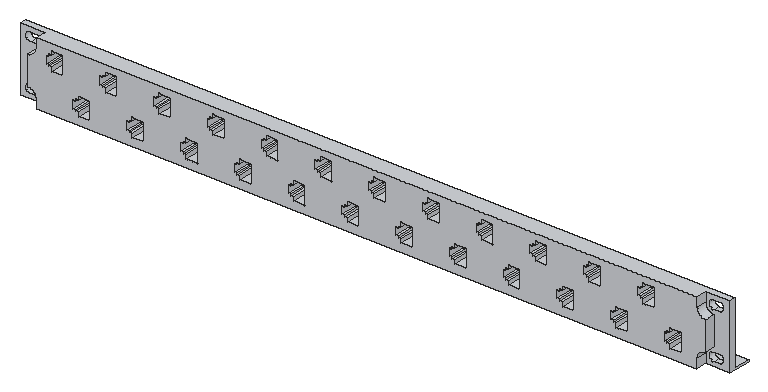
Revit family
Parameters (values of type "TEXT")
  Material ID = "760073866"
  Description = "iPatch® M4200i 24 Port UTP Intelligent Universal Modular Panel without Modules"
Reference planes (in)
  plane 1 "Center (Front/Back)": y = 0
  plane 2: z = 0
  plane 3 "Center (Left/Right)": x = 0
Forms (in)
  Extrusion 1, solid
    sketch origin (0, 0, 0) x (1, 0, 0) y (0, 0, 1)
      loop
        line (-9.5, 0.86) -> (-9.5, -0.86) -> (9.5, -0.86) -> (9.5, 0.86) -> (-9.5, 0.86)
    from 0 to 0.9
  Extrusion 2, void
    sketch origin (0, 0, 0) x (1, 0, 0) y (0, 0, 1)
      loop
        line (-9.5, 0.86) -> (-9.5, -0.81) -> (9.5, -0.81) -> (9.5, 0.86) -> (-9.5, 0.86)
    from 0 to 0.45
  Extrusion 3, void
    sketch origin (0, 0, 0) x (1, 0, 0) y (0, 0, 1)
      loop
        line (-8.58, 0.54) -> (-8.58, 0.3355) -> (-8.51, 0.3355) -> (-8.51, 0.295) -> (-8.44, 0.295) -> (-8.44, 0.19) -> (-8.13, 0.19) -> (-8.13, 0.69) -> (-8.44, 0.69) -> (-8.44, 0.585) -> (-8.51, 0.585) -> (-8.51, 0.54) -> (-8.58, 0.54)
      loop
        line (-7.86, -0.29) -> (-7.86, -0.4945) -> (-7.79, -0.4945) -> (-7.79, -0.535) -> (-7.72, -0.535) -> (-7.72, -0.64) -> (-7.41, -0.64) -> (-7.41, -0.14) -> (-7.72, -0.14) -> (-7.72, -0.245) -> (-7.79, -0.245) -> (-7.79, -0.29) -> (-7.86, -0.29)
    from 0 to 2
  Extrusion 4, void
    sketch origin (1.44, 0, 0) x (1, 0, 0) y (0, 0, 1)
      loop
        line (-8.58, 0.54) -> (-8.58, 0.3355) -> (-8.51, 0.3355) -> (-8.51, 0.295) -> (-8.44, 0.295) -> (-8.44, 0.19) -> (-8.13, 0.19) -> (-8.13, 0.69) -> (-8.44, 0.69) -> (-8.44, 0.585) -> (-8.51, 0.585) -> (-8.51, 0.54) -> (-8.58, 0.54)
      loop
        line (-7.86, -0.29) -> (-7.86, -0.4945) -> (-7.79, -0.4945) -> (-7.79, -0.535) -> (-7.72, -0.535) -> (-7.72, -0.64) -> (-7.41, -0.64) -> (-7.41, -0.14) -> (-7.72, -0.14) -> (-7.72, -0.245) -> (-7.79, -0.245) -> (-7.79, -0.29) -> (-7.86, -0.29)
    from 0 to 2
  Extrusion 5, void
    sketch origin (2.88, 0, 0) x (1, 0, 0) y (0, 0, 1)
      loop
        line (-8.58, 0.54) -> (-8.58, 0.3355) -> (-8.51, 0.3355) -> (-8.51, 0.295) -> (-8.44, 0.295) -> (-8.44, 0.19) -> (-8.13, 0.19) -> (-8.13, 0.69) -> (-8.44, 0.69) -> (-8.44, 0.585) -> (-8.51, 0.585) -> (-8.51, 0.54) -> (-8.58, 0.54)
      loop
        line (-7.86, -0.29) -> (-7.86, -0.4945) -> (-7.79, -0.4945) -> (-7.79, -0.535) -> (-7.72, -0.535) -> (-7.72, -0.64) -> (-7.41, -0.64) -> (-7.41, -0.14) -> (-7.72, -0.14) -> (-7.72, -0.245) -> (-7.79, -0.245) -> (-7.79, -0.29) -> (-7.86, -0.29)
    from 0 to 2
  Extrusion 6, void
    sketch origin (4.32, 0, 0) x (1, 0, 0) y (0, 0, 1)
      loop
        line (-8.58, 0.54) -> (-8.58, 0.3355) -> (-8.51, 0.3355) -> (-8.51, 0.295) -> (-8.44, 0.295) -> (-8.44, 0.19) -> (-8.13, 0.19) -> (-8.13, 0.69) -> (-8.44, 0.69) -> (-8.44, 0.585) -> (-8.51, 0.585) -> (-8.51, 0.54) -> (-8.58, 0.54)
      loop
        line (-7.86, -0.29) -> (-7.86, -0.4945) -> (-7.79, -0.4945) -> (-7.79, -0.535) -> (-7.72, -0.535) -> (-7.72, -0.64) -> (-7.41, -0.64) -> (-7.41, -0.14) -> (-7.72, -0.14) -> (-7.72, -0.245) -> (-7.79, -0.245) -> (-7.79, -0.29) -> (-7.86, -0.29)
    from 0 to 2
  Extrusion 7, void
    sketch origin (5.76, 0, 0) x (1, 0, 0) y (0, 0, 1)
      loop
        line (-8.58, 0.54) -> (-8.58, 0.3355) -> (-8.51, 0.3355) -> (-8.51, 0.295) -> (-8.44, 0.295) -> (-8.44, 0.19) -> (-8.13, 0.19) -> (-8.13, 0.69) -> (-8.44, 0.69) -> (-8.44, 0.585) -> (-8.51, 0.585) -> (-8.51, 0.54) -> (-8.58, 0.54)
      loop
        line (-7.86, -0.29) -> (-7.86, -0.4945) -> (-7.79, -0.4945) -> (-7.79, -0.535) -> (-7.72, -0.535) -> (-7.72, -0.64) -> (-7.41, -0.64) -> (-7.41, -0.14) -> (-7.72, -0.14) -> (-7.72, -0.245) -> (-7.79, -0.245) -> (-7.79, -0.29) -> (-7.86, -0.29)
    from 0 to 2
  Extrusion 8, void
    sketch origin (7.2, 0, 0) x (1, 0, 0) y (0, 0, 1)
      loop
        line (-8.58, 0.54) -> (-8.58, 0.3355) -> (-8.51, 0.3355) -> (-8.51, 0.295) -> (-8.44, 0.295) -> (-8.44, 0.19) -> (-8.13, 0.19) -> (-8.13, 0.69) -> (-8.44, 0.69) -> (-8.44, 0.585) -> (-8.51, 0.585) -> (-8.51, 0.54) -> (-8.58, 0.54)
      loop
        line (-7.86, -0.29) -> (-7.86, -0.4945) -> (-7.79, -0.4945) -> (-7.79, -0.535) -> (-7.72, -0.535) -> (-7.72, -0.64) -> (-7.41, -0.64) -> (-7.41, -0.14) -> (-7.72, -0.14) -> (-7.72, -0.245) -> (-7.79, -0.245) -> (-7.79, -0.29) -> (-7.86, -0.29)
    from 0 to 2
  Extrusion 9, void
    sketch origin (8.64, 0, 0) x (1, 0, 0) y (0, 0, 1)
      loop
        line (-8.58, 0.54) -> (-8.58, 0.3355) -> (-8.51, 0.3355) -> (-8.51, 0.295) -> (-8.44, 0.295) -> (-8.44, 0.19) -> (-8.13, 0.19) -> (-8.13, 0.69) -> (-8.44, 0.69) -> (-8.44, 0.585) -> (-8.51, 0.585) -> (-8.51, 0.54) -> (-8.58, 0.54)
      loop
        line (-7.86, -0.29) -> (-7.86, -0.4945) -> (-7.79, -0.4945) -> (-7.79, -0.535) -> (-7.72, -0.535) -> (-7.72, -0.64) -> (-7.41, -0.64) -> (-7.41, -0.14) -> (-7.72, -0.14) -> (-7.72, -0.245) -> (-7.79, -0.245) -> (-7.79, -0.29) -> (-7.86, -0.29)
    from 0 to 2
  Extrusion 10, void
    sketch origin (10.08, 0, 0) x (1, 0, 0) y (0, 0, 1)
      loop
        line (-8.58, 0.54) -> (-8.58, 0.3355) -> (-8.51, 0.3355) -> (-8.51, 0.295) -> (-8.44, 0.295) -> (-8.44, 0.19) -> (-8.13, 0.19) -> (-8.13, 0.69) -> (-8.44, 0.69) -> (-8.44, 0.585) -> (-8.51, 0.585) -> (-8.51, 0.54) -> (-8.58, 0.54)
      loop
        line (-7.86, -0.29) -> (-7.86, -0.4945) -> (-7.79, -0.4945) -> (-7.79, -0.535) -> (-7.72, -0.535) -> (-7.72, -0.64) -> (-7.41, -0.64) -> (-7.41, -0.14) -> (-7.72, -0.14) -> (-7.72, -0.245) -> (-7.79, -0.245) -> (-7.79, -0.29) -> (-7.86, -0.29)
    from 0 to 2
  Extrusion 11, void
    sketch origin (11.52, 0, 0) x (1, 0, 0) y (0, 0, 1)
      loop
        line (-8.58, 0.54) -> (-8.58, 0.3355) -> (-8.51, 0.3355) -> (-8.51, 0.295) -> (-8.44, 0.295) -> (-8.44, 0.19) -> (-8.13, 0.19) -> (-8.13, 0.69) -> (-8.44, 0.69) -> (-8.44, 0.585) -> (-8.51, 0.585) -> (-8.51, 0.54) -> (-8.58, 0.54)
      loop
        line (-7.86, -0.29) -> (-7.86, -0.4945) -> (-7.79, -0.4945) -> (-7.79, -0.535) -> (-7.72, -0.535) -> (-7.72, -0.64) -> (-7.41, -0.64) -> (-7.41, -0.14) -> (-7.72, -0.14) -> (-7.72, -0.245) -> (-7.79, -0.245) -> (-7.79, -0.29) -> (-7.86, -0.29)
    from 0 to 2
  Extrusion 12, void
    sketch origin (12.96, 0, 0) x (1, 0, 0) y (0, 0, 1)
      loop
        line (-8.58, 0.54) -> (-8.58, 0.3355) -> (-8.51, 0.3355) -> (-8.51, 0.295) -> (-8.44, 0.295) -> (-8.44, 0.19) -> (-8.13, 0.19) -> (-8.13, 0.69) -> (-8.44, 0.69) -> (-8.44, 0.585) -> (-8.51, 0.585) -> (-8.51, 0.54) -> (-8.58, 0.54)
      loop
        line (-7.86, -0.29) -> (-7.86, -0.4945) -> (-7.79, -0.4945) -> (-7.79, -0.535) -> (-7.72, -0.535) -> (-7.72, -0.64) -> (-7.41, -0.64) -> (-7.41, -0.14) -> (-7.72, -0.14) -> (-7.72, -0.245) -> (-7.79, -0.245) -> (-7.79, -0.29) -> (-7.86, -0.29)
    from 0 to 2
  Extrusion 13, void
    sketch origin (14.4, 0, 0) x (1, 0, 0) y (0, 0, 1)
      loop
        line (-8.58, 0.54) -> (-8.58, 0.3355) -> (-8.51, 0.3355) -> (-8.51, 0.295) -> (-8.44, 0.295) -> (-8.44, 0.19) -> (-8.13, 0.19) -> (-8.13, 0.69) -> (-8.44, 0.69) -> (-8.44, 0.585) -> (-8.51, 0.585) -> (-8.51, 0.54) -> (-8.58, 0.54)
      loop
        line (-7.86, -0.29) -> (-7.86, -0.4945) -> (-7.79, -0.4945) -> (-7.79, -0.535) -> (-7.72, -0.535) -> (-7.72, -0.64) -> (-7.41, -0.64) -> (-7.41, -0.14) -> (-7.72, -0.14) -> (-7.72, -0.245) -> (-7.79, -0.245) -> (-7.79, -0.29) -> (-7.86, -0.29)
    from 0 to 2
  Extrusion 14, void
    sketch origin (15.84, 0, 0) x (1, 0, 0) y (0, 0, 1)
      loop
        line (-8.58, 0.54) -> (-8.58, 0.3355) -> (-8.51, 0.3355) -> (-8.51, 0.295) -> (-8.44, 0.295) -> (-8.44, 0.19) -> (-8.13, 0.19) -> (-8.13, 0.69) -> (-8.44, 0.69) -> (-8.44, 0.585) -> (-8.51, 0.585) -> (-8.51, 0.54) -> (-8.58, 0.54)
      loop
        line (-7.86, -0.29) -> (-7.86, -0.4945) -> (-7.79, -0.4945) -> (-7.79, -0.535) -> (-7.72, -0.535) -> (-7.72, -0.64) -> (-7.41, -0.64) -> (-7.41, -0.14) -> (-7.72, -0.14) -> (-7.72, -0.245) -> (-7.79, -0.245) -> (-7.79, -0.29) -> (-7.86, -0.29)
    from 0 to 2
  Extrusion 15, void
    sketch origin (0, 0, 0) x (1, 0, 0) y (0, 0, 1)
      loop
        arc (-9.07, 0.39) -> (-8.91444, 0.45444) -> (-8.85, 0.61) r 0.22
        line (-8.85, 0.61) -> (-8.85, 1.01622) -> (-9.66149, 1.01622) -> (-9.66149, -0.98378) -> (-8.85, -0.98378) -> (-8.85, -0.61)
        arc (-8.85, -0.61) -> (-8.91444, -0.45444) -> (-9.07, -0.39) r 0.22
        line (-9.07, -0.39) -> (-9.07, 0.39)
      loop
        line (9.07, 0.39) -> (9.07, -0.39)
        arc (9.07, -0.39) -> (8.91444, -0.45444) -> (8.85, -0.61) r 0.22
        line (8.85, -0.61) -> (8.85, -0.98378) -> (9.66149, -0.98378) -> (9.66149, 1.01622) -> (8.85, 1.01622) -> (8.85, 0.61)
        arc (8.85, 0.61) -> (8.91444, 0.45444) -> (9.07, 0.39) r 0.22
    from 0.62337 to 1.78193
  Extrusion 16, void
    sketch origin (0, 0, 0) x (1, 0, 0) y (0, 0, 1)
      loop
        arc (-9.23, 0.75) -> (-9.355, 0.625) -> (-9.23, 0.5) r 0.125
        line (-9.23, 0.5) -> (-9.08, 0.5)
        arc (-9.08, 0.5) -> (-8.955, 0.625) -> (-9.08, 0.75) r 0.125
        line (-9.08, 0.75) -> (-9.23, 0.75)
      loop
        line (-9.23, -0.75) -> (-9.08, -0.75)
        arc (-9.08, -0.75) -> (-8.955, -0.625) -> (-9.08, -0.5) r 0.125
        line (-9.08, -0.5) -> (-9.23, -0.5)
        arc (-9.23, -0.5) -> (-9.355, -0.625) -> (-9.23, -0.75) r 0.125
      loop
        line (9.23, 0.75) -> (9.08, 0.75)
        arc (9.08, 0.75) -> (8.955, 0.625) -> (9.08, 0.5) r 0.125
        line (9.08, 0.5) -> (9.23, 0.5)
        arc (9.23, 0.5) -> (9.355, 0.625) -> (9.23, 0.75) r 0.125
      loop
        arc (9.23, -0.75) -> (9.355, -0.625) -> (9.23, -0.5) r 0.125
        line (9.23, -0.5) -> (9.08, -0.5)
        arc (9.08, -0.5) -> (8.955, -0.625) -> (9.08, -0.75) r 0.125
        line (9.08, -0.75) -> (9.23, -0.75)
    from -2.76459 to 5.62251
Cuts and joins
  Extrusion 2, Extrusion 3, Extrusion 4, Extrusion 5, Extrusion 6, Extrusion 7, Extrusion 8, Extrusion 9, Extrusion 10, Extrusion 11, Extrusion 12, Extrusion 13, Extrusion 14, Extrusion 15, Extrusion 16 cuts Extrusion 1
Dimensions and locks (in)
  equal spacing: group 1, group 2, group 3, group 4, group 5, group 6, group 7, group 8, group 9, group 10, group 11, group 12  (x3)
